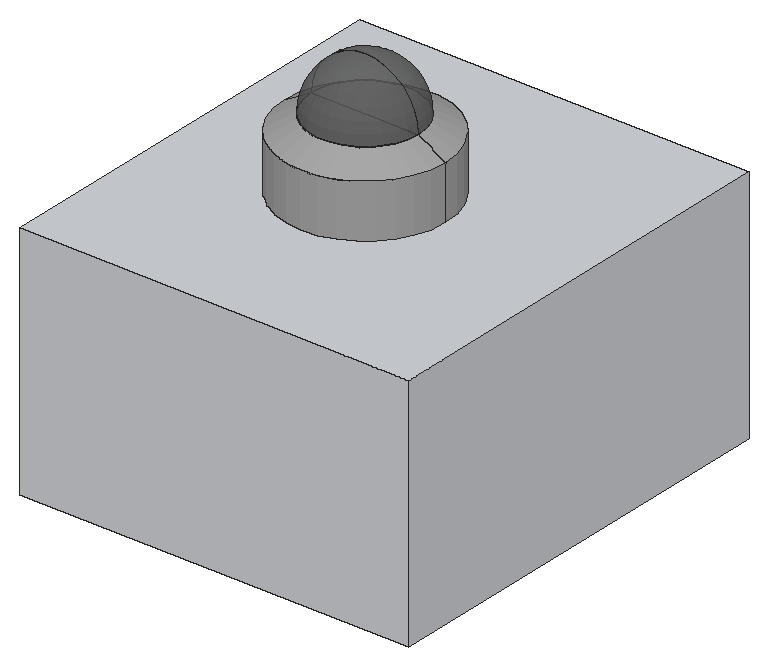
Revit family
Parameters (values of type "Vandal Resistant, HD")
  z Type = 5
  z Dome Radius = (Height - z Base Height)  # 1.750"
  z Dome Material = Glass - Panasonic - Smoked
  z Dome Height Offset [instance] = if(or(Has Gray Ceiling Mount, Has White Ceiling Mount), 0.500", z Base Height)  # 2.250"
  z Camera Height = 3.625"
  z Bracket Radius = z Dome Radius + 1.250"  # 3.000"
  z Base is Visible [instance] = not(or(Has Gray Ceiling Mount, Has White Ceiling Mount))  # yes
  z Base Radius = (Diameter / 2)  # 2.625"
  z Base Height = 2.250"
  Wide Dynamic Range (Super Dynamic) = yes
  Weight = 1.35 lbf
  Voltage DC = 12 V
  Vandal Resistant = yes
  URL = "http://security.panasonic.com/pss/security/"
  Tilting Range = "-75 to +75"
  Storage Temperature = "14°F - 122°F"  # constant formula
  Regulatory Compliance = "UL 60065, FCC Part 15 Class A, C-UL CAN/CSA C22.2 No.60065, ICES 003 Class A"
  Provide Feedback = "https://www.surveymonkey.com/s/95FL6QY"
  Product Page URL = "http://panasonic.net/pss/security/products/hd/wv-sf346/index.html"
  Product Material = Paint - Panasonic - Silver
  Product Documentation Link = "ftp://ftp.panasonic.com/pub/Panasonic/business/security/spec_sheets/WV-SF342SF346.pdf"
  Power Active = 4.2 W
  Part Number = Model  # "WV-SF346"
  Part Description = Description  # "Security Camera, Fixed Dome, Vandal Resistant, Network, HD"
  Panning Range = "+180 to -170"
  Original Creation Date = "August 13, 2012"
  Operational Temperature = "14°F - 122°F"  # constant formula
  Operational Humidity = "90% or less (without condensation)"
  Mounting Positions = "Mount Dependent"
  Model Disclaimer = "Contact Panasonic for more information"  # constant formula
  Model = "WV-SF346"
  Minimum Illumination = 0.3 lx
  Manufacturer = "Panasonic"  # constant formula
  Indoor Or Outdoor = "Indoor"
  IP Or Analog = "IP"
  Height = 4.000"
  Has White Ceiling Mount [instance] = no
  Has POE = yes
  Has Gray Ceiling Mount [instance] = no
  Has Direct Ceiling Mount [instance] = no
  Family Version = "1.0.0"  # constant formula
  Equipment Number [instance] = ""
  Equipment Abbreviation = "SC"
  Dome Part Number = if(z Type = 1, "WV-CF5S", if(z Type = 2, "WV-CF5S", if(z Type = 3, "WV-CF5S", if(z Type = 4, "Not Available", if(z Type = 5, "Not Available", "Not Available")))))  # "Not Available"
  Diameter = 5.250"
  Description = "Security Camera, Fixed Dome, Vandal Resistant, Network, HD"
  Default Elevation = 0.000"
  Day Or Night = "Yes"
  Date Last Modified = "August 13, 2012"
  Copyright = "Copyright © Panasonic"  # constant formula
  Communication Ports = "10Base-T / 100Base-TX, RJ-45"
  Auto Back Focus = yes
  Audio Out = "Yes"
  Audio In = "Yes"
  Angle Of View = "100.3"
  Alarm Input Or Output Specification = "ALARM IN, ALARM OUT, AUX OUT"
  Accessory Part Number [instance] = if(and(Has Gray Ceiling Mount, Has Direct Ceiling Mount), "Select One Option", if(and(Has White Ceiling Mount, Has Direct Ceiling Mount), "Select One Option", if(and(Has Gray Ceiling Mount, Has White Ceiling Mount), "Select One Option", if(and(Has Gray Ceiling Mount, Has Direct Ceiling Mount, Has White Ceiling Mount), "Select One Option", if(and(z Type = 1, Has Direct Ceiling Mount), "WV-Q105", if(and(z Type = 1, Has Gray Ceiling Mount), "WV-Q168", if(and(z Type = 1, Has White Ceiling Mount), "WV-Q174", if(and(z Type = 2, Has Direct Ceiling Mount), "WV-Q105", if(and(z Type = 2, Has Gray Ceiling Mount), "WV-Q168", if(and(z Type = 2, Has White Ceiling Mount), "WV-Q174", if(and(z Type = 3, Has Direct Ceiling Mount), "WV-Q105", if(and(z Type = 3, Has Gray Ceiling Mount), "WV-Q168", if(and(z Type = 3, Has White Ceiling Mount), "WV-Q174", if(and(z Type = 4, Has Direct Ceiling Mount), "WV-Q105", if(and(z Type = 5, Has Direct Ceiling Mount), "WV-Q105", "Select One Option")))))))))))))))  # "Select One Option"
Types (6): name | z Type | z Dome Height Offset | z Base Radius | z Base Height | Weight | Vandal Resistant | Product Page URL | Product Documentation Link | Power Active | Part Number | Part Description | Model | Minimum Illumination | Height | Dome Part Number | Diameter | Description | Auto Back Focus | Audio In
  (no name) | 5 | 2.250" | 2.625" | 2.250" | 1.35 lbf | yes | "http://panasonic.net/pss/security/products/hd/wv-sf346/index.html" | "ftp://ftp.panasonic.com/pub/Panasonic/business/security/spec_sheets/WV-SF342SF346.pdf" | 4.2 W | "WV-SF346" | "Security Camera, Fixed Dome, Vandal Resistant, Network, HD" | "WV-SF346" | 0.3 lx | 4.000" | "Not Available" | 5.250" | "Security Camera, Fixed Dome, Vandal Resistant, Network, HD" | yes | "Yes"
  Network | 1 | 1.875" | 2.5625" | 1.875" | 0.815707 lbf | no | "http://panasonic.net/pss/security/products/hd/wv-sf332/index.html" | "ftp://ftp.panasonic.com/pub/Panasonic/business/security/spec_sheets/WV-SF332.pdf" | 3.5 W | "WV-SF332" | "Security Camera, Fixed Dome, Network" | "WV-SF332" | 0.2 lx | 3.625" | "WV-CF5S" | 5.125" | "Security Camera, Fixed Dome, Network" | no | "None"
  Network, HD, ABF | 3 | 1.875" | 2.5625" | 1.875" | 0.815707 lbf | no | "http://panasonic.net/pss/security/products/hd/wv-sf336/index.html" | "ftp://ftp.panasonic.com/pub/Panasonic/business/security/spec_sheets/WV-SF336.pdf" | 4.2 W | "WV-SF336" | "Security Camera, Fixed Dome, Network, HD" | "WV-SF336" | 0.3 lx | 3.625" | "WV-CF5S" | 5.125" | "Security Camera, Fixed Dome, Network, HD" | yes | "Yes"
  Vandal Resistant | 4 | 2.250" | 2.625" | 2.250" | 1.35 lbf | yes | "http://panasonic.net/pss/security/products/hd/wv-sf342/index.html" | "ftp://ftp.panasonic.com/pub/Panasonic/business/security/spec_sheets/WV-SF342SF346.pdf" | 4.2 W | "WV-SF342" | "Security Camera, Fixed Dome, Vandal Resistant, Network" | "WV-SF342" | 0.2 lx | 4.000" | "Not Available" | 5.250" | "Security Camera, Fixed Dome, Vandal Resistant, Network" | no | "Yes"
  Vandal Resistant, HD | 5 | 2.250" | 2.625" | 2.250" | 1.35 lbf | yes | "http://panasonic.net/pss/security/products/hd/wv-sf346/index.html" | "ftp://ftp.panasonic.com/pub/Panasonic/business/security/spec_sheets/WV-SF342SF346.pdf" | 4.2 W | "WV-SF346" | "Security Camera, Fixed Dome, Vandal Resistant, Network, HD" | "WV-SF346" | 0.3 lx | 4.000" | "Not Available" | 5.250" | "Security Camera, Fixed Dome, Vandal Resistant, Network, HD" | yes | "Yes"
  Network, HD | 2 | 1.875" | 2.5625" | 1.875" | 0.815707 lbf | no | "http://panasonic.net/pss/security/products/hd/wv-sf335/index.html" | "ftp://ftp.panasonic.com/pub/Panasonic/business/security/spec_sheets/WV-SF335.pdf" | 3.5 W | "WV-SF335" | "Security Camera, Fixed Dome, Network, HD" | "WV-SF335" | 0.6 lx | 3.625" | "WV-CF5S" | 5.125" | "Security Camera, Fixed Dome, Network, HD" | no | "None"
Reference planes (in)
  plane 1 "Center (Front/Back)": y = 0
  plane 2: z = 0
  plane 3 "Center (Left/Right)": x = 0
  plane 4: z = 0
  plane 5: x = -2.625
  plane 6: x = -1.75
  plane 7: x = 2.5625
  plane 8: z = 2.25
  plane 9: z = 1.75
  plane 10: z = 4
Forms (in)
  Extrusion 1, solid
    sketch origin (0, 0, 0) x (1, 0, 0) y (0, 1, 0)
      loop
        line (-5.65138, 6.85016) -> (-5.65138, -7.02141) -> (7.02141, -7.02141) -> (7.02141, 6.85016) -> (-5.65138, 6.85016)
    from 0 to -7.78407
  Revolve 2, solid, material "Paint - Panasonic - Silver" <- "Product Material", visible <- "z Base is Visible"
    sketch origin (0, 0, 0) x (1, 0, 0) y (0, 0, 1)
      loop
        line (0, 0) -> (0, 2.25) -> (-1.75, 2.25) -> (-2.625, 1.75) -> (-2.625, 0) -> (0, 0)
      axis (0, 2.25) -> (0, 0)
    angle from 0 to 360
  Revolve 3, solid, material "Glass - Panasonic - Smoked" <- "z Dome Material"
    sketch origin (0, 0, 0) x (1, 0, 0) y (0, 0, 1)
      loop
        line (-1.75, 2.25) -> (0, 2.25) -> (0, 4)
        arc (0, 4) -> (-1.23744, 3.48744) -> (-1.75, 2.25) r 1.75
      axis (0, 4) -> (0, 2.25)
    angle from 0 to 360
Lines and regions (in)
  Masking region 1
    outline origin (0, 0, 0) x (1, 0, 0) y (0, 1, 0)
      loop
        circle (0, 0) r 2.625
  symbolic lines, detail levels fine
    curve 1: circle (0, 0, 0) r 1.75 normal (0, 0, 1)
Dimensions and locks (in)
  "z Base Height": plane 8 to plane 4
  "z Base Radius": plane 3 "Center (Left/Right)" to plane 5
  locked: plane 8 to plane 9 at 0.5
  "z Dome Radius": plane 3 "Center (Left/Right)" to plane 6
  "z Dome Radius": plane 10 to plane 8
  "z Dome Height Offset": plane 8 to plane 2
  "z Base Radius": radius of Masking region 1 sketch curve
  "z Dome Radius": radius of curve 1
  aligned and locked: plane 2 to Extrusion 1
  aligned and locked: level to Extrusion 1
  aligned and locked: plane 5 to Revolve 2 sketch curve
  aligned and locked: plane 9 to Revolve 2 sketch curve
  aligned and locked: plane 6 to Revolve 2 sketch curve
  aligned and locked: plane 4 to Revolve 2 sketch curve
  aligned and locked: Revolve 2 sketch curve to plane 3 "Center (Left/Right)"
  aligned and locked: plane 8 to Revolve 2 sketch curve
  aligned and locked: Revolve 2 sketch curve to plane 5
  aligned and locked: plane 3 "Center (Left/Right)" to Revolve 3 sketch curve
  aligned and locked: plane 8 to Revolve 3 sketch curve
Automatic sketch dimensions
  Extrusion 1 sketch curve to Extrusion 1 sketch curve = 12.67279"
  Extrusion 1 sketch curve to Extrusion 1 sketch curve = 13.87157"
  Revolve 2 sketch curve to plane 3 "Center (Left/Right)" = 0.000"
  plane 9 to Revolve 2 sketch curve = 0.11875"
  Revolve 2 sketch curve to Revolve 2 sketch curve = 0.250"
  Revolve 3 sketch curve to plane 6 = 0.000"
  Revolve 3 sketch curve to plane 3 "Center (Left/Right)" = 0.000"
  Revolve 3 sketch curve to Revolve 3 sketch curve = 0.82961"
  Revolve 3 sketch curve to Revolve 3 sketch curve = 0.250"
  plane 1 "Center (Front/Back)" to Masking region 1 sketch curve = 0.000"
  Masking region 1 sketch curve to plane 3 "Center (Left/Right)" = 0.000"
  plane 1 "Center (Front/Back)" to curve 1 = 0.000"
  curve 1 to plane 3 "Center (Left/Right)" = 0.000"
Nested families (in)
  nested 1: "Mount - Camera-Security-Panasonic-Fixed_Dome-Network" at (0, 0, 0), Dome Radius <- "z Dome Radius", Product Material <- "Product Material", Has White Ceiling Mount <- "Has White Ceiling Mount", Has Gray Ceiling Mount <- "Has Gray Ceiling Mount", type "Mount"
    with z Bracket Radius 3.320", Product Material Paint - Panasonic - Silver, Has White Ceiling Mount no, Has Gray Ceiling Mount no, Equipment Number "", Dome Radius 1.750"
Connectors (in)
  electrical at (0, 0, 0), driven by "Power Active"
    settings: on Revolve 2, index 1, voltage 0 V, apparent load 4.2 W, apparent load phase1 0.0 W, apparent load phase2 0.0 W, apparent load phase3 0.0 W, power factor 1, load classification "Other", number of poles 1, system type 30, power factor state 1, is connector primary yes, connector utility no, sub classification motor no, connector description "Electrical Connector"
Definition of nested family "Mount - Camera-Security-Panasonic-Fixed_Dome-Network"
  Parameters (values of type "Mount")
    z Bracket Radius [instance] = Dome Radius + 1.570"  # 3.820"
    URL = "http://panasonic.net"
    Provide Feedback = "https://www.surveymonkey.com/s/95FL6QY"
    Product Material [instance] = Paint - Panasonic - Light Gray
    Product Documentation Link = ""
    Part Number = Model  # "WV-Q175"
    Part Description = ""
    Original Creation Date = "*8/13/2012"
    Model Disclaimer = "*Contact Panasonic for more information"
    Model = "WV-Q175"
    Manufacturer = "*Panasonic"
    Keynote = ""
    Has White Ceiling Mount [instance] = yes
    Has Gray Ceiling Mount [instance] = yes
    Family Version = "*1.0.0"
    Equipment Number [instance] = ""
    Equipment Abbreviation = ""
    Dome Radius [instance] = 2.250"
    Default Elevation = 0.000"
    Date Last Modified = "*8/13/2012"
    Copyright = "*Copyright © Panasonic"
    Assembly Code = ""
  Reference planes (in)
    plane 1 "Center (Front/Back)": y = 0
    plane 2: z = 0
    plane 3 "Center (Left/Right)": x = 0
    plane 4: z = 0.5
    plane 5: z = 0.125
    plane 6: x = -3.82
    plane 7: z = 0
    plane 8: x = -2.25
    plane 9: z = 0.32
    plane 10: z = 4.32
    plane 11: z = 3.146
    plane 12: z = 3.814
    plane 13: z = -3.63
    plane 14: z = -3.24904
    plane 15: z = -3.12404
    plane 16: z = 5.5
    plane 17: z = 7.75
    plane 18: y = -2.75
    plane 19: y = 2.75
    plane 20: z = 0.5
    plane 21: y = -1.56732
    plane 22: y = 1.33268
    plane 23: x = 3.05
    plane 24: x = 3.25
    plane 25: x = 3.1565
    plane 26: y = -3.25
    plane 27: y = -3
    plane 28: x = 2.9065
    plane 29: x = 3.7815
    plane 30: x = -3.7815
    plane 31: y = 0.375
    plane 32: y = -0.375
  Forms (in)
    Extrusion 1, solid
      sketch origin (0, 0, 0) x (1, 0, 0) y (0, 1, 0)
        loop
          line (-48, 48) -> (-48, -48) -> (48, -48) -> (48, 48) -> (-48, 48)
      from 0 to -12
    Revolve 2, solid, material "Paint - Panasonic - Light Gray", visible <- "Has Gray Ceiling Mount"
      sketch origin (0, 0, 0) x (1, 0, 0) y (0, 0, 1)
        loop
          line (-3.82, 0.125) -> (-3.82, 0) -> (-2.25, 0) -> (-2.25, 0.5) -> (-3.82, 0.125)
        axis (0, 0) -> (0, 0.5)
      angle from 0 to 360
    Revolve 3, solid, material "Paint - Panasonic - Sail White", visible <- "Has White Ceiling Mount"
      sketch origin (0, 0, 0) x (1, 0, 0) y (0, 0, 1)
        loop
          line (-3.82, 0.125) -> (-3.82, 0) -> (-2.25, 0) -> (-2.25, 0.5) -> (-3.82, 0.125)
        axis (0, 0.5) -> (0, 0)
      angle from 0 to 360
  Lines and regions (in)
    Masking region 1
      outline origin (0, 0, 0) x (1, 0, 0) y (0, 1, 0)
        loop
          circle (0, 0) r 3.82
  Dimensions and locks (in)
    locked: plane 5 to plane 7 at 0.125
    locked: plane 4 to plane 7 at 0.5
    locked: plane 6 to plane 8 at 1.57
    "Dome Radius": plane 3 "Center (Left/Right)" to plane 8
    plane 16 to Extrusion 1 = 5.500"
    locked: plane 21 to plane 22 at 2.9
    "z Bracket Radius": radius of Masking region 1 sketch curve
    aligned and locked: plane 2 to Extrusion 1
    aligned and locked: level to Extrusion 1
    aligned and locked: plane 20 to Revolve 3 sketch curve
    aligned and locked: plane 8 to Revolve 3 sketch curve  (x2)
    aligned and locked: plane 5 to Revolve 3 sketch curve
    aligned and locked: plane 6 to Revolve 3 sketch curve
    aligned and locked: Revolve 3 sketch curve to plane 7
  Automatic sketch dimensions
    Extrusion 1 sketch curve to Extrusion 1 sketch curve = 96.000"  (x2)
    Revolve 2 sketch curve to plane 5 = 0.000"
    plane 6 to Revolve 2 sketch curve = 0.000"
    Revolve 2 sketch curve to level = 0.000"
    Revolve 2 sketch curve to plane 8 = 0.000"
    Revolve 2 sketch curve to plane 3 "Center (Left/Right)" = 0.000"
    Revolve 2 sketch curve to plane 4 = 0.000"
    plane 4 to Revolve 2 sketch curve = 0.13987"
    Revolve 2 sketch curve to Revolve 2 sketch curve = 0.17601"
    plane 1 "Center (Front/Back)" to Masking region 1 sketch curve = 0.000"
    Masking region 1 sketch curve to plane 3 "Center (Left/Right)" = 0.000"
    Revolve 3 sketch curve to plane 3 "Center (Left/Right)" = 0.000"
    Revolve 3 sketch curve to level = 0.25803"
    plane 4 to Revolve 3 sketch curve = 0.40138"
